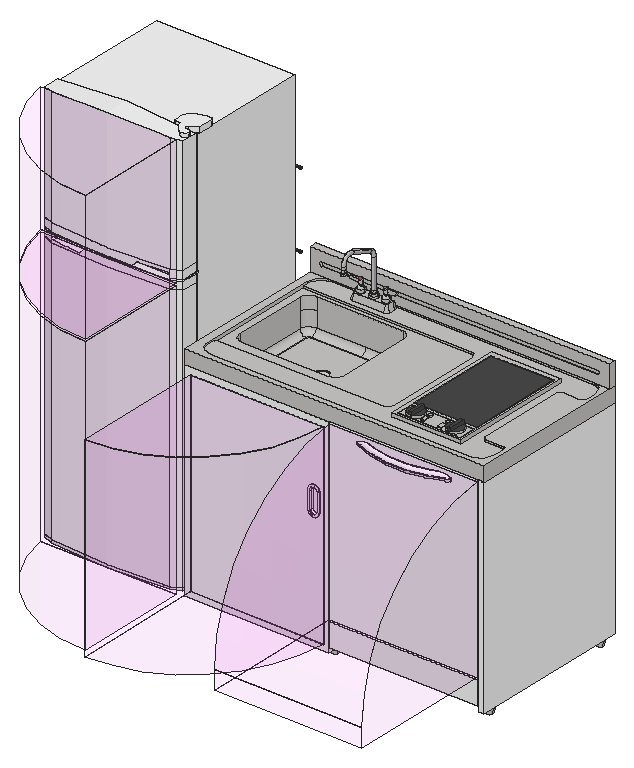
Revit family "QF_Summit_ACKDW721G_Kitchenette_with_Dishwasher_Refrigerator_Freezer", category Specialty Equipment, Revit 2020 (continued)
Automatic sketch dimensions
  curve 87 to curve 49 = 0"
  curve 91 to curve 97 = 1/2"
  curve 95 to curve 97 = 0"  (x2)
  curve 99 to curve 116 = 1.86219"
  curve 115 to curve 108 = 1.47394"
  curve 105 to curve 112 = 0.28156"
  curve 105 to curve 105 = 0.56313"
  curve 105 to curve 104 = 2.20148"
  curve 101 to curve 109 = 0.28156"
  curve 101 to curve 101 = 0.56313"
  curve 101 to curve 114 = 1.47394"
  curve 113 to curve 99 = 1.86219"
  curve 93 to curve 90 = 1/2"
  curve 89 to curve 93 = 3/4"
  curve 93 to curve 95 = 15.3663"
  curve 95 to curve 97 = 1/2"
  curve 97 to curve 112 = 0.72606"
  curve 110 to curve 111 = 0"
  curve 111 to curve 105 = 0.59921"
  curve 109 to curve 102 = 0.59921"
  curve 105 to curve 115 = 0.04973"
  curve 101 to curve 114 = 0.04973"
  curve 101 to curve 103 = 1.07117"
  curve 105 to curve 106 = 1.07117"
  curve 113 to curve 98 = 1 3/8"
  curve 99 to curve 91 = 1/2"
  curve 116 to curve 115 = 1 1/4"
  curve 118 to curve 115 = 9/32"
  curve 118 to curve 117 = 9/16"
  curve 111 to curve 111 = 0.28156"
  curve 110 to curve 109 = 0.28156"
  curve 101 to curve 114 = 0.22394"
  curve 119 to curve 113 = 9/32"
  curve 120 to curve 119 = 0"
  curve 109 to curve 110 = 0"  (x2)
  curve 111 to curve 112 = 0"  (x2)
  curve 113 to curve 114 = 0"  (x2)
  curve 115 to curve 116 = 0"  (x2)
  curve 123 to curve 129 = 1/2"
  curve 127 to curve 129 = 0"  (x2)
  curve 131 to curve 148 = 1.86219"
  curve 147 to curve 140 = 1.47394"
  curve 137 to curve 144 = 0.28156"
  curve 137 to curve 137 = 0.56313"
  curve 137 to curve 136 = 2.20148"
  curve 133 to curve 141 = 0.28156"
  curve 133 to curve 133 = 0.56313"
  curve 133 to curve 146 = 1.47394"
  curve 145 to curve 131 = 1.86219"
  curve 125 to curve 122 = 1/2"
  curve 121 to curve 125 = 3/4"
  curve 125 to curve 127 = 15.3663"
  curve 127 to curve 129 = 1/2"
  curve 129 to curve 144 = 0.72606"
  curve 142 to curve 143 = 0"
  curve 143 to curve 137 = 0.59921"
  curve 141 to curve 134 = 0.59921"
  curve 137 to curve 147 = 0.04973"
  curve 133 to curve 146 = 0.04973"
  curve 133 to curve 135 = 1.07117"
  curve 137 to curve 138 = 1.07117"
  curve 145 to curve 130 = 1 3/8"
  curve 131 to curve 123 = 1/2"
  curve 148 to curve 147 = 1 1/4"
  curve 150 to curve 147 = 9/32"
  curve 150 to curve 149 = 9/16"
  curve 143 to curve 143 = 0.28156"
  curve 142 to curve 141 = 0.28156"
  curve 133 to curve 146 = 0.22394"
  curve 151 to curve 145 = 9/32"
  curve 152 to curve 151 = 0"
  curve 141 to curve 142 = 0"  (x2)
  curve 143 to curve 144 = 0"  (x2)
  curve 145 to curve 146 = 0"  (x2)
  curve 147 to curve 148 = 0"  (x2)
  radius of Extrusion 11 sketch curve = 1/8"
  radius of Extrusion 16 sketch curve = 1"
  radius of Extrusion 18 sketch curve to Extrusion 1 = 0"  (x2)
  radius of Extrusion 24 sketch curve = 1 1/4"  (x2)
  radius of Extrusion 25 sketch curve to Extrusion 24 = 0"  (x4)
  radius of Extrusion 26 sketch curve = 0.28156"  (x2)
  radius of Extrusion 30 sketch curve = 1 1/4"  (x2)
  radius of Extrusion 31 sketch curve to Extrusion 30 = 0"  (x4)
  radius of Extrusion 32 sketch curve = 0.28156"  (x2)
Nested families (in)
  nested 1: "Summit_Faucet" at (26.0625, -1.0625, 36.125), type "Summit_Faucet"
    with Type Mark "", Specification by User "", Revision Code "", Item Number "", Installed By "", Identify Quantity as Lot yes, Furnished By "", Foodservice Equipment Identifier yes
  nested 2: "Summit_FF946W" at (-5.125, 0, 0), Show LHD <- "Show LHD", Show RHD <- "Show RHD", type "Summit_FF946W"
    with Show RHD yes, Show LHD no, Show Clearance yes
  nested 3: "Summit_DW242WADA" at (41.3125, -2.75, 0), Show Clearance <- "Show Clearance", type "Summit_DW242WADA"
    with Show Clearance yes
Connectors (in)
  electrical at (53.78753, 0.25, 3.16456), driven by "Volts", driven by "Apparent Power"
    settings: on Extrusion 11, index 1, voltage 115 V, apparent load 0 VA, apparent load phase1 0 VA, apparent load phase2 0 VA, apparent load phase3 0 VA, power factor 1, load classification "Other", number of poles 1, system type 30, power factor state 1, is connector primary yes, connector utility no, sub classification motor no, connector description "Electrical Connection"
  electrical at (16.125, -2.5, 9.06755), driven by "Volts"
    settings: on nested 2, index 2, voltage 115 V, apparent load 0 VA, apparent load phase1 0 VA, apparent load phase2 0 VA, apparent load phase3 0 VA, power factor 1, load classification "Other", number of poles 1, system type 30, power factor state 1, is connector primary no, connector utility no, sub classification motor no, connector description "Electrical Connection"
Definition of nested family "Summit_Faucet"
  Parameters (values of type "Summit_Faucet")
    Weight = ""
    URL Manufacturer = ""
    URL Cutsheet = ""
    URL = ""
    Type Mark [instance] = ""
    Specification by User [instance] = ""
    Specification by Manufacturer = ""
    Serial Number = ""
    Seismic Rating = ""
    SMACNA No = ""
    Revision Code [instance] = ""
    Omniclass Number and Title = ""
    NAFEM Spec ID Number = ""
    Model = ""
    MasterSpec. = ""
    Manufacturer = ""
    Item Number [instance] = ""
    Installed By [instance] = ""
    Identify Quantity as Lot [instance] = yes
    Furnished By [instance] = ""
    Foodservice Equipment Identifier [instance] = yes
    Default Elevation = 0"
    CSI MasterFormat = ""
    CSI Master Format = ""
  Reference planes (in)
    plane 1 "BACK": y = 0
    plane 2: z = 0
    plane 3 "LEFT": x = 0
    plane 4 "RIGHT": x = 6
    plane 5 "FRONT": y = -2
    plane 6 "TOP": z = 9.5
    plane 7: x = 3
    plane 8: x = 1
    plane 9: x = 5
    plane 10: z = 6.75
    plane 11: y = -1
    plane 12: y = -7
  Forms (in)
    Blend 1, solid
      base sketch origin (0, 0, 0) x (1, 0, 0) y (0, 1, 0)
        loop
          arc (0.5, 0) -> (0.14645, -0.14645) -> (0, -0.5) r 0.5
          line (0, -0.5) -> (0, -1.5)
          arc (0, -1.5) -> (0.14645, -1.85355) -> (0.5, -2) r 0.5
          line (0.5, -2) -> (5.5, -2)
          arc (5.5, -2) -> (5.85355, -1.85355) -> (6, -1.5) r 0.5
          line (6, -1.5) -> (6, -0.5)
          arc (6, -0.5) -> (5.85355, -0.14645) -> (5.5, 0) r 0.5
          line (5.5, 0) -> (0.5, 0)
      top sketch origin (0, 0, 0) x (1, 0, 0) y (0, 1, 0)
        loop
          line (5.5, -0.25) -> (0.5, -0.25)
          arc (0.5, -0.25) -> (0.32322, -0.32322) -> (0.25, -0.5) r 0.25
          line (0.25, -0.5) -> (0.25, -1.5)
          arc (0.25, -1.5) -> (0.32322, -1.67678) -> (0.5, -1.75) r 0.25
          line (0.5, -1.75) -> (5.5, -1.75)
          arc (5.5, -1.75) -> (5.67678, -1.67678) -> (5.75, -1.5) r 0.25
          line (5.75, -1.5) -> (5.75, -0.5)
          arc (5.75, -0.5) -> (5.67678, -0.32322) -> (5.5, -0.25) r 0.25
      from 0 to 1
    Extrusion 2, solid
      sketch origin (0, -0.09496, -3.5) x (1, 0, 0) y (0, 0, 1)
        loop
          line (4.82421, 6.36488) -> (4.82421, 5.7908) -> (5.75768, 5.80403) -> (6.42048, 5.89366)
          arc (6.42048, 5.89366) -> (6.70947, 6.05462) -> (6.82421, 6.36488) r 0.47687
          line (6.82421, 6.36488) -> (4.82421, 6.36488)
      from 0.77919 to 1.02919
    Revolve 3, solid
      sketch origin (-4.03517, -1, 0) x (1, 0, 0) y (0, 0, 1)
        loop
          line (5.03934, 1) -> (5.03934, 3.02505)
          arc (5.03934, 3.02505) -> (4.87585, 2.98746) -> (4.76133, 2.86488) r 0.2869
          line (4.76133, 2.86488) -> (4.76133, 2.2908) -> (4.87917, 2.2908) -> (4.87917, 1.83261)
          arc (4.87917, 1.83261) -> (4.65407, 1.74222) -> (4.60414, 1.50485) r 0.25731
          line (4.60414, 1.50485) -> (4.45379, 1.50485) -> (4.45379, 1.1768) -> (4.53934, 1.1768) -> (4.53934, 1) -> (5.03934, 1)
        axis (5.03934, 1) -> (5.03934, 3.02505)
      angle from 0 to 360
    Revolve 4, solid
      sketch origin (10.03517, -0.99916, 0) x (-1, 0, 0) y (0, 0, -1)
        loop
          line (5.03934, -1) -> (4.53934, -1) -> (4.53934, -1.1768) -> (4.45379, -1.1768) -> (4.45379, -1.50485) -> (4.60414, -1.50485)
          arc (4.60414, -1.50485) -> (4.65407, -1.74222) -> (4.87917, -1.83261) r 0.25731
          line (4.87917, -1.83261) -> (4.87917, -2.2908) -> (4.76133, -2.2908) -> (4.76133, -2.86488)
          arc (4.76133, -2.86488) -> (4.87585, -2.98746) -> (5.03934, -3.02505) r 0.2869
          line (5.03934, -3.02505) -> (5.03934, -1)
        axis (5.03934, -1) -> (5.03934, -3.02505)
      angle from 0 to 360
    Extrusion 5, solid
      sketch origin (6, -0.09496, -3.5) x (-1, 0, 0) y (0, 0, -1)
        loop
          line (4.82421, -6.36488) -> (6.82421, -6.36488)
          arc (6.82421, -6.36488) -> (6.70947, -6.05462) -> (6.42048, -5.89366) r 0.47687
          line (6.42048, -5.89366) -> (5.75768, -5.80403) -> (4.82421, -5.7908) -> (4.82421, -6.36488)
      from 0.77919 to 1.02919
    Revolve 6, solid
      sketch origin (0, -7, 0) x (1, 0, 0) y (0, 0, 1)
        loop
          line (3, 7.59291) -> (2.75, 7.59291) -> (2.75, 7.16874) -> (2.625, 6.95223) -> (2.625, 6.75) -> (3, 6.75) -> (3, 7.59291)
        axis (3, 6.75) -> (3, 7.59291)
      angle from 0 to 360
    Sweep 7, solid
      path origin (3, 0, 0) x (0, 1, 0) y (0, 0, 1)
        loop
          line (-7, 7.59291) -> (-7, 8.04139)
          arc (-7, 8.04139) -> (-6.46697, 9.06533) -> (-5.32247, 9.21601) r 1.25
          line (-5.32247, 9.21601) -> (-1.75198, 7.91645)
          arc (-1.75198, 7.91645) -> (-1.20668, 7.49803) -> (-1, 6.84252) r 1.14286
          line (-1, 6.84252) -> (-1, 2)
      profile origin (3, -7, 7.81715) x (0, -1, 0) y (1, 0, 0)
        loop
          circle (0, 0) r 0.25
    Revolve 8, solid
      sketch origin (8.03517, -0.9375, -3.5) x (-1, 0, 0) y (0, 0, -1)
        loop
          line (5.03934, -4.5) -> (4.40363, -4.5) -> (4.40363, -4.67045) -> (4.50358, -4.67045) -> (4.50358, -5.02398) -> (4.68786, -5.13038) -> (4.68786, -5.5) -> (5.03934, -5.5) -> (5.03934, -4.5)
        axis (5.03934, -4.5) -> (5.03934, -5.5)
      angle from 0 to 360
  Cuts and joins
    joined: Revolve 6, Sweep 7
  Lines and regions (in)
    symbolic lines
      curve 1: line (2.67337, -7.08919, 0) -> (2.67337, -1, 0)
      curve 2: line (3.29837, -7.08919, 0) -> (3.29837, -1, 0)
      curve 3: arc (3.29837, -1, 0) -> (2.98587, -0.6875, 0) -> (2.67337, -1, 0) r 0.3125
      curve 4: arc (3.29837, -1.40113, 0) -> (2.98587, -0.49151, 0) -> (2.67337, -1.40113, 0) r 0.50849
      curve 5: arc (3.29837, -1.5749, 0) -> (3.01791, -0.35019, 0) -> (2.67337, -1.55844, 0) r 0.6486
      curve 6: line (4.38304, -0.63916, 0) -> (5.00804, -0.27831, 0)
      curve 7: line (5.00804, -0.27831, 0) -> (5.63304, -0.63916, 0)
      curve 8: line (5.63304, -0.63916, 0) -> (5.63304, -1.26764, 0)
      curve 9: line (4.38304, -1.36084, 0) -> (4.38304, -0.63916, 0)
      curve 10: line (5.00804, -1.72169, 0) -> (4.38304, -1.36084, 0)
      curve 11: line (5.23435, -1.59103, 0) -> (5.00804, -1.72169, 0)
      curve 12: arc (5.53526, -1.17341, 0) -> (4.61465, -0.60851, 0) -> (5.18402, -1.52636, 0) r 0.555
      curve 13: arc (5.28147, -0.74178, 0) -> (4.74077, -0.73099, 0) -> (4.75156, -1.27169, 0) r 0.375
      curve 14: arc (4.75156, -1.27169, 0) -> (4.84744, -1.34648, 0) -> (4.96221, -1.38665, 0) r 0.375
      curve 15: arc (5.23435, -1.59103, 0) -> (5.11621, -1.46497, 0) -> (4.96221, -1.38665, 0) r 0.5
      curve 16: line (5.22231, -1.58455, 0) -> (6.43111, -2.61867, 0)
      curve 17: arc (6.43111, -2.61867, 0) -> (6.60796, -2.59971, 0) -> (6.62691, -2.42286, 0) r 0.14168
      curve 18: line (5.58934, -1.21683, 0) -> (6.62691, -2.42286, 0)
      curve 19: arc (5.39644, -0.95243, 0) -> (5.47064, -1.10086, 0) -> (5.58934, -1.21683, 0) r 0.5
      curve 20: arc (5.39644, -0.95243, 0) -> (5.35626, -0.83766, 0) -> (5.28147, -0.74178, 0) r 0.375
      curve 21: line (1.62658, -0.63916, 0) -> (1.00158, -0.27831, 0)
      curve 22: line (1.62658, -1.36084, 0) -> (1.62658, -0.63916, 0)
      curve 23: line (1.00158, -1.72169, 0) -> (1.62658, -1.36084, 0)
      curve 24: line (0.77192, -1.58909, 0) -> (1.00158, -1.72169, 0)
      curve 25: line (0.77192, -1.58909, 0) -> (-0.42292, -2.61705, 0)
      curve 26: arc (-0.61721, -2.42277, 0) -> (-0.59834, -2.59818, 0) -> (-0.42292, -2.61705, 0) r 0.1406
      curve 27: line (0.42029, -1.21683, 0) -> (-0.61721, -2.42277, 0)
      curve 28: arc (0.42029, -1.21683, 0) -> (0.53899, -1.10086, 0) -> (0.61319, -0.95243, 0) r 0.5
      curve 29: arc (1.04741, -1.38665, 0) -> (0.89898, -1.46086, 0) -> (0.78301, -1.57955, 0) r 0.5
      curve 30: arc (1.04741, -1.38665, 0) -> (1.16218, -1.34648, 0) -> (1.25806, -1.27169, 0) r 0.375
      curve 31: arc (1.25806, -1.27169, 0) -> (1.26885, -0.73099, 0) -> (0.72816, -0.74178, 0) r 0.375
      curve 32: arc (0.72816, -0.74178, 0) -> (0.65337, -0.83766, 0) -> (0.61319, -0.95243, 0) r 0.375
      curve 33: circle (1.00158, -1, 0) r 0.225 normal (0, 0, 1)
      curve 34: line (1.00158, -0.27831, 0) -> (0.37658, -0.63916, 0)
      curve 35: line (0.37658, -0.63916, 0) -> (0.37658, -1.26764, 0)
      curve 36: arc (0.82561, -1.52636, 0) -> (1.39498, -0.60851, 0) -> (0.47437, -1.17341, 0) r 0.555
      curve 37: arc (2.67337, -6.68325, 0) -> (2.98587, -7.60148, 0) -> (3.29837, -6.68325, 0) r 0.51229
      curve 38: arc (2.67337, -7.08919, 0) -> (2.98587, -7.40169, 0) -> (3.29837, -7.08919, 0) r 0.3125
      curve 39: line (3.29837, -2, 0) -> (5.51871, -2, 0)
      curve 40: line (6, -1.5, 0) -> (6, -0.5, 0)
      curve 41: line (5.5, 0, 0) -> (0.5, 0, 0)
      curve 42: line (0, -0.5, 0) -> (0, -1.5, 0)
      curve 43: line (0.5, -2, 0) -> (2.67337, -2, 0)
      curve 44: line (0.58489, -1.75, 0) -> (2.67337, -1.75, 0)
      curve 45: line (3.29837, -1.75, 0) -> (5.41571, -1.75, 0)
      curve 46: line (0.5, -0.25, 0) -> (5.5, -0.25, 0)
      curve 47: arc (5.75, -0.5, 0) -> (5.67678, -0.32322, 0) -> (5.5, -0.25, 0) r 0.25
      curve 48: arc (0.5, -0.25, 0) -> (0.32322, -0.32322, 0) -> (0.25, -0.5, 0) r 0.25
      curve 49: line (0.25, -1.41477, 0) -> (0.25, -0.5, 0)
      curve 50: line (5.75, -0.5, 0) -> (5.75, -1.40358, 0)
      curve 51: line (0.05911, -1.63665, 0) -> (0, -1.5, 0)
      curve 52: line (0.5, -2, 0) -> (0.35546, -1.94739, 0)
      curve 53: line (5.64118, -1.94289, 0) -> (5.51871, -2, 0)
      curve 54: line (5.94504, -1.63028, 0) -> (6, -1.5, 0)
      curve 55: arc (5.5, 0, 0) -> (5.85355, -0.14645, 0) -> (6, -0.5, 0) r 0.5
      curve 56: arc (0, -0.5, 0) -> (0.14645, -0.14645, 0) -> (0.5, 0, 0) r 0.5
      curve 57: circle (4.99842, -1, 0) r 0.225 normal (0, 0, -1)
  Dimensions and locks (in)
    equal spacing: plane 4 "RIGHT", plane 7, plane 3 "LEFT"
    plane 6 "TOP" to plane 2 = 9 1/2"
    aligned and locked: level to plane 2
  Automatic sketch dimensions
    Blend 1 sketch curve to plane 3 "LEFT" = 0"
    plane 5 "FRONT" to Blend 1 sketch curve = 0"
    plane 1 "BACK" to Blend 1 sketch curve = 0"
    Blend 1 sketch curve to plane 4 "RIGHT" = 0"
    plane 3 "LEFT" to Blend 1 sketch curve = 1/2"  (x2)
    Blend 1 sketch curve to plane 4 "RIGHT" = 1/2"  (x3)
    plane 1 "BACK" to Blend 1 sketch curve = 1/2"  (x2)
    plane 3 "LEFT" to Blend 1 sketch curve = 1/4"
    Blend 1 sketch curve to Blend 1 sketch curve = 1/4"  (x3)
    Blend 1 sketch curve to plane 5 "FRONT" = 1/4"
    plane 9 to Extrusion 2 sketch curve = 45/256"
    Extrusion 2 sketch curve to plane 4 "RIGHT" = 0.24232"
    plane 4 "RIGHT" to Extrusion 2 sketch curve = 0.34735"
    plane 4 "RIGHT" to Extrusion 2 sketch curve = 0.42048"
    Extrusion 2 sketch curve to plane 10 = 3.88512"
    Extrusion 2 sketch curve to Extrusion 2 sketch curve = 0.47687"
    Extrusion 2 sketch curve to Extrusion 2 sketch curve = 0.08963"
    Extrusion 2 sketch curve to Extrusion 2 sketch curve = 0.57408"
    plane 8 to Extrusion 5 sketch curve = 45/256"
    plane 3 "LEFT" to Extrusion 5 sketch curve = 0.24232"
    Extrusion 5 sketch curve to plane 3 "LEFT" = 0.34735"
    Extrusion 5 sketch curve to plane 3 "LEFT" = 0.42048"
    Extrusion 5 sketch curve to plane 10 = 3.88512"
    Extrusion 5 sketch curve to Extrusion 5 sketch curve = 0.47687"
    Extrusion 5 sketch curve to Extrusion 5 sketch curve = 0.08963"
    Extrusion 5 sketch curve to Extrusion 5 sketch curve = 0.57408"
    Revolve 6 sketch curve to plane 10 = 0"
    plane 7 to Revolve 6 sketch curve = 0"  (x2)
    Revolve 6 sketch curve to Revolve 6 sketch curve = 1/4"
    Revolve 6 sketch curve to Revolve 6 sketch curve = 1/8"
    plane 10 to Revolve 6 sketch curve = 0.20223"
    Revolve 6 sketch curve to Revolve 6 sketch curve = 0.21651"
    Revolve 6 sketch curve to Revolve 6 sketch curve = 0.42418"
    Revolve 6 sketch curve to Revolve 6 sketch curve = 0.09934"
    Revolve 6 sketch curve to Revolve 6 sketch curve = 0.33586"
    plane 7 to Revolve 8 sketch curve = 0.63154"
    Revolve 8 sketch curve to Revolve 8 sketch curve = 0.09994"
    Revolve 8 sketch curve to Revolve 8 sketch curve = 0.18428"
    Revolve 8 sketch curve to plane 7 = 0.00417"  (x2)
    Revolve 8 sketch curve to plane 10 = 3.2092"
    Revolve 8 sketch curve to plane 10 = 4 3/4"
    Revolve 8 sketch curve to Revolve 8 sketch curve = 0.5408"
    Revolve 8 sketch curve to Revolve 8 sketch curve = 0.36962"
    Revolve 8 sketch curve to Revolve 8 sketch curve = 0.1064"
    Revolve 8 sketch curve to Revolve 8 sketch curve = 0.35353"
    Revolve 8 sketch curve to Revolve 8 sketch curve = 0.17045"
    Revolve 3 sketch curve to plane 8 = 0.0161"
    Revolve 3 sketch curve to plane 8 = 0.156"
    Revolve 3 sketch curve to plane 8 = 0.18399"
    Revolve 3 sketch curve to Revolve 3 sketch curve = 0.11783"
    Revolve 3 sketch curve to Revolve 3 sketch curve = 0.24704"
    Revolve 3 sketch curve to plane 8 = 0.49583"
    Revolve 3 sketch curve to Revolve 3 sketch curve = 0.08555"
    plane 8 to Revolve 3 sketch curve = 0.00417"  (x2)
    level to Revolve 3 sketch curve = 1"
    Revolve 3 sketch curve to Revolve 3 sketch curve = 0.1768"
    Revolve 3 sketch curve to Revolve 3 sketch curve = 0.32805"
    Revolve 3 sketch curve to Revolve 3 sketch curve = 0.07197"
    Revolve 3 sketch curve to Revolve 3 sketch curve = 0.45819"
    Revolve 3 sketch curve to Revolve 3 sketch curve = 1/4"
    Revolve 3 sketch curve to Revolve 3 sketch curve = 0.19807"
    Revolve 3 sketch curve to Revolve 3 sketch curve = 0.12601"
    plane 10 to Revolve 3 sketch curve = 0.2908"
    Revolve 4 sketch curve to plane 9 = 0.0161"
    Revolve 4 sketch curve to plane 9 = 0.156"
    Revolve 4 sketch curve to plane 9 = 0.18399"
    Revolve 4 sketch curve to plane 9 = 0.27384"
    Revolve 4 sketch curve to Revolve 4 sketch curve = 0.24704"
    Revolve 4 sketch curve to plane 9 = 0.49583"
    Revolve 4 sketch curve to Revolve 4 sketch curve = 0.08555"
    plane 9 to Revolve 4 sketch curve = 0.00417"  (x2)
    level to Revolve 4 sketch curve = 1"
    Revolve 4 sketch curve to Revolve 4 sketch curve = 0.1768"
    Revolve 4 sketch curve to Revolve 4 sketch curve = 0.32805"
    Revolve 4 sketch curve to Revolve 4 sketch curve = 0.07197"
    Revolve 4 sketch curve to Revolve 4 sketch curve = 0.45819"
    Revolve 4 sketch curve to Revolve 4 sketch curve = 1/4"
    Revolve 4 sketch curve to Revolve 4 sketch curve = 0.19807"
    Revolve 4 sketch curve to Revolve 4 sketch curve = 0.12601"
    plane 10 to Revolve 4 sketch curve = 0.2908"
    curve 3 to curve 4 = 0"  (x2)
    curve 30 to curve 32 = 0"  (x2)
    curve 33 to curve 36 = 0"  (x2)
    curve 37 to curve 38 = 0"  (x2)
    curve 47 to curve 55 = 0"  (x2)
    curve 48 to curve 56 = 0"  (x2)
    curve 42 to plane 3 "LEFT" = 0"
    plane 5 "FRONT" to curve 43 = 0"
    plane 1 "BACK" to curve 56 = 0"
    curve 36 to plane 11 = 0"
    curve 3 to plane 11 = 0"
    plane 5 "FRONT" to curve 39 = 0"
    curve 57 to plane 11 = 0"
    curve 12 to plane 11 = 0"
    curve 54 to plane 4 "RIGHT" = 0"
    curve 26 to plane 3 "LEFT" = 0.42292"
    curve 26 to curve 25 = 0.07599"
    curve 27 to curve 26 = 0.11829"
    plane 3 "LEFT" to curve 51 = 0.05911"
    plane 3 "LEFT" to curve 28 = 0.13506"
    curve 56 to curve 49 = 1/4"
    curve 52 to plane 5 "FRONT" = 0.05261"
    plane 3 "LEFT" to curve 52 = 91/256"
    curve 49 to curve 35 = 0.12658"
    curve 35 to curve 28 = 0.04371"
    curve 28 to curve 36 = 0.05408"
    curve 52 to curve 43 = 37/256"
    curve 48 to curve 46 = 1/4"
    curve 43 to curve 44 = 0.08489"
    plane 11 to curve 28 = 0.04757"
    curve 36 to curve 28 = 0.13882"
    curve 28 to curve 32 = 0.11497"
    curve 24 to plane 8 = 0.22808"
    curve 24 to curve 29 = 0.01109"
    curve 29 to curve 36 = 0.0426"
    curve 32 to plane 8 = 0.01747"
    plane 8 to curve 36 = 0.00158"
    plane 8 to curve 21 = 0.00158"
    plane 8 to curve 23 = 0.00158"
    plane 8 to curve 31 = 0.00369"
    plane 8 to curve 30 = 0.04741"
    plane 8 to curve 29 = 0.19367"
    curve 29 to curve 31 = 0.21065"
    plane 8 to curve 22 = 0.62658"
    curve 1 to plane 12 = 0.08919"
    curve 1 to plane 7 = 0.32663"
    curve 37 to plane 7 = 0.01413"
    plane 7 to curve 5 = 0.00083"
    plane 9 to curve 6 = 0.61696"
    plane 9 to curve 13 = 0.24844"
    plane 9 to curve 15 = 0.18405"
    plane 9 to curve 15 = 0.03779"
    plane 9 to curve 57 = 0.00158"
    plane 11 to curve 13 = 0.00384"
    curve 13 to plane 9 = 0.00594"
    curve 11 to plane 9 = 0.00804"
    curve 7 to plane 9 = 0.00804"
    curve 13 to curve 12 = 0.00211"
    curve 12 to curve 20 = 0.01905"
    curve 20 to curve 14 = 0"
    curve 12 to plane 9 = 0.18402"
    curve 12 to curve 16 = 0.0383"
    curve 16 to curve 15 = 0.01204"
    curve 13 to plane 9 = 0.28147"
    plane 11 to curve 19 = 0.04757"
    curve 13 to curve 19 = 0.11497"
    curve 11 to curve 45 = 0.18136"
    curve 41 to plane 4 "RIGHT" = 1/2"
    curve 45 to curve 39 = 0.103"
    curve 12 to plane 11 = 0.17341"
    curve 20 to curve 12 = 0.13882"
    curve 12 to curve 19 = 0.05408"
    curve 18 to curve 8 = 0.04371"
    curve 53 to plane 5 "FRONT" = 0.05711"
    curve 39 to curve 53 = 0.12247"
    curve 19 to plane 4 "RIGHT" = 0.12544"
    curve 54 to plane 4 "RIGHT" = 0.05496"
    plane 4 "RIGHT" to curve 17 = 0.43111"
    curve 16 to curve 17 = 0.07667"
    curve 17 to curve 18 = 0.11914"
    plane 12 to curve 37 = 0.31675"
    plane 5 "FRONT" to curve 17 = 0.61867"
    plane 5 "FRONT" to curve 26 = 0.61705"
    curve 17 to curve 17 = 0.11914"
    curve 25 to curve 26 = 0.11829"
    curve 15 to plane 5 "FRONT" = 0.13522"
    curve 29 to plane 5 "FRONT" = 0.13522"
    curve 29 to curve 24 = 0.14309"
    curve 15 to curve 10 = 0.14309"
    curve 52 to curve 51 = 0.31074"
    curve 45 to curve 5 = 0.1751"
    curve 44 to curve 5 = 0.19156"
    curve 51 to curve 51 = 0.13665"
    curve 54 to curve 54 = 0.13028"
    curve 5 to curve 4 = 0.15731"
    curve 9 to plane 11 = 0.36084"
    curve 22 to plane 11 = 0.36084"
    curve 29 to curve 30 = 0.11497"
    curve 14 to curve 13 = 0.11497"
    plane 11 to curve 21 = 0.36084"
    plane 11 to curve 6 = 0.36084"
    curve 8 to curve 47 = 0.13916"
    curve 34 to curve 48 = 0.13916"
    plane 1 "BACK" to curve 34 = 0.27831"
    plane 1 "BACK" to curve 7 = 0.27831"
    Sweep 7 sketch curve to profile plane = 0"  (x2)
    Sweep 7 sketch curve to plane 12 = 0"
    Sweep 7 sketch curve to plane 11 = 0"
    plane 12 to Sweep 7 sketch curve = 1 1/4"
    Sweep 7 sketch curve to plane 6 "TOP" = 0.28399"
    Sweep 7 sketch curve to Sweep 7 sketch curve = 0.42753"
    plane 5 "FRONT" to Sweep 7 sketch curve = 0.14286"
    Sweep 7 sketch curve to plane 5 "FRONT" = 0.24802"
    plane 10 to Sweep 7 sketch curve = 1.16645"
    Sweep 7 sketch curve to Sweep 7 sketch curve = 0.44847"
    level to Sweep 7 sketch curve = 2"
    radius of curve 33 = 0.225"
    radius of curve 57 = 0.225"
    radius of Sweep 7 sketch curve = 1/4"
Definition of nested family "Summit_FF946W"
  Parameters (values of type "Summit_FF946W")
    Weight in Pounds = 0
    URL Cutsheet = ""
    Specification by User = ""
    Specification by Manufacturer = ""
    Show RHD [instance] = yes
    Show LHD [instance] = yes
    Show Clearance [instance] = yes
    Serial Number = ""
    Seismic Rating = ""
    SMACNA No = ""
    Revision Code = ""
    NAFEM Spec ID Number = ""
    Masterspec = ""
    Length = 22"
    Item Number = ""
    Installed By = ""
    Identify Quantity as Lot = yes
    Height = 65 3/4"
    Furnished By = ""
    Foodservice Equipment Identifier = yes
    Depth = 26"
    Default Elevation = 0"
    CSI MasterFormat = ""
  Reference planes (in)
    plane 1 "BACK": y = 0
    plane 2: z = 0
    plane 3 "LEFT": x = 0
    plane 4 "RIGHT": x = 22
    plane 5 "FRONT": y = -26
    plane 6 "TOP": z = 65.75
    plane 7 "Center Y": x = 11
    plane 8 "Center X": y = -13
    plane 9: y = -44.25
    plane 10: z = 0.76089
    plane 11: z = 64.75506
  Forms (in)
    Extrusion 1, solid
      sketch origin (0, 0, 0) x (1, 0, 0) y (0, 1, 0)
        loop
          line (0, -22.25) -> (0, -24.75) -> (1.58604, -25.48958)
          arc (1.58604, -25.48958) -> (11, -26) -> (20.41396, -25.48958) r 87.06902
          line (20.41396, -25.48958) -> (22, -24.75) -> (22, -22.25) -> (0, -22.25)
      from 46.47696 to 65.75
    Extrusion 2, void
      sketch origin (0, 0, 0) x (1, 0, 0) y (0, 0, 1)
        loop
          arc (0, 65) -> (11, 65.75) -> (22, 65) r 81.04167
          line (22, 65) -> (22, 68.01401) -> (0, 68.01401) -> (0, 65)
      from 22.25 to 26
    Extrusion 3, solid
      sketch origin (-6.66013, -180, 0.76089) x (-1, 0, 0) y (0, -1, 0)
        loop
          line (-6.66013, -157.75) -> (-6.66013, -155.25) -> (-8.24617, -154.51042)
          arc (-8.24617, -154.51042) -> (-17.66013, -154) -> (-27.07409, -154.51042) r 87.06902
          line (-27.07409, -154.51042) -> (-28.66013, -155.25) -> (-28.66013, -157.75) -> (-6.66013, -157.75)
      from 0.39175 to 42.92692
    Extrusion 4, solid
      sketch origin (-6.66013, -180, 43.68781) x (-1, 0, 0) y (0, -1, 0)
        loop
          line (-6.66013, -157.75) -> (-6.66013, -155.25) -> (-8.24617, -154.51042)
          arc (-8.24617, -154.51042) -> (-17.66013, -154) -> (-27.07409, -154.51042) r 87.06902
          line (-27.07409, -154.51042) -> (-28.66013, -155.25) -> (-28.66013, -157.75) -> (-6.66013, -157.75)
      from 0 to 1.21669
    Extrusion 5, solid
      sketch origin (0, 0, 46.47696) x (0, 1, 0) y (1, 0, 0)
        loop
          line (-22.25, 0) -> (-22.25, 22) -> (-24.75, 22) -> (-25.48958, 20.41396)
          arc (-25.48958, 20.41396) -> (-26, 11) -> (-25.48958, 1.58604) r 87.06902
          line (-25.48958, 1.58604) -> (-24.75, 0) -> (-22.25, 0)
      from 0 to 1.27189
    Extrusion 6, void
      sketch origin (0, 0, 0) x (1, 0, 0) y (0, 0, 1)
        loop
          line (1.58604, 44.9045) -> (1.58604, 44.36024)
          arc (1.58604, 44.36024) -> (1.65926, 44.18346) -> (1.83604, 44.11024) r 0.25
          line (1.83604, 44.11024) -> (6.49436, 44.11024) -> (7.28862, 44.9045) -> (1.58604, 44.9045)
        loop
          line (20.41396, 45.20507) -> (20.41396, 45.74933)
          arc (20.41396, 45.74933) -> (20.34074, 45.92611) -> (20.16396, 45.99933) r 0.25
          line (20.16396, 45.99933) -> (15.50564, 45.99933) -> (14.71138, 45.20507) -> (20.41396, 45.20507)
      from 24.75 to 26.9253
    Extrusion 7, solid
      sketch origin (-6.66013, -180, 1.15264) x (0, -1, 0) y (-1, 0, 0)
        loop
          line (-177.5, -6.66013) -> (-177.5, -28.66013) -> (-158.25, -28.66013) -> (-158.25, -6.66013) -> (-177.5, -6.66013)
      from 0 to -63.60242
    Extrusion 8, solid
      sketch origin (-6.66013, -180, 1.15264) x (0, -1, 0) y (-1, 0, 0)
        loop
          line (-158.25, -7.03694) -> (-158.25, -28.39098) -> (-157.75, -28.39098) -> (-157.75, -7.03694) -> (-158.25, -7.03694)
      from -0.39175 to -43.79198
    Extrusion 9, solid
      sketch origin (0, 0, 45.20507) x (-1, 0, 0) y (0, 1, 0)
        loop
          line (-0.37681, -21.75) -> (-21.73085, -21.75) -> (-21.73085, -22.25) -> (-0.37681, -22.25) -> (-0.37681, -21.75)
      from -0.39175 to -19.54999
    Extrusion 10, solid, visible <- "Show RHD"
      sketch origin (-6.66013, -180, 64.75506) x (0, -1, 0) y (1, 0, 0)
        loop
          arc (-160.91115, 28.66013) -> (-161.1774, 28.55391) -> (-161.29743, 28.2936) r 0.3868
          arc (-161.29743, 28.2936) -> (-161.12767, 26.92092) -> (-160.49634, 25.69028) r 3.9614
          arc (-160.49634, 25.69028) -> (-159.96855, 25.25379) -> (-159.30174, 25.09743) r 1.5
          line (-159.30174, 25.09743) -> (-158.16793, 25.09743)
          arc (-158.16793, 25.09743) -> (-157.93663, 25.19324) -> (-157.84082, 25.42454) r 0.32711
          line (-157.84082, 25.42454) -> (-157.84082, 25.97744)
          arc (-157.84082, 25.97744) -> (-156.83692, 26.61398) -> (-156.06864, 27.52105) r 3.93874
          arc (-156.06864, 27.52105) -> (-156.05522, 28.16776) -> (-156.61316, 28.49506) r 0.63921
          line (-156.61316, 28.49506) -> (-156.70493, 28.49506)
          arc (-156.70493, 28.49506) -> (-156.85318, 28.45185) -> (-156.955, 28.33574) r 0.27592
          line (-156.955, 28.33574) -> (-157.363, 27.46079)
          arc (-157.363, 27.46079) -> (-157.56996, 27.31722) -> (-157.79683, 27.42665) r 0.25
          line (-157.79683, 27.42665) -> (-158.62883, 28.66013) -> (-160.91115, 28.66013)
      from 0 to 0.79984
    Extrusion 11, solid
      sketch origin (0, 0, 0) x (0, 1, 0) y (0, 0, 1)
        loop
          line (-23.81696, 45.20507) -> (-23.81696, 45.12497) -> (-21.75, 45.12497) -> (-21.75, 45.20507) -> (-23.81696, 45.20507)
        loop
          line (-23.81696, 44.9045) -> (-21.75, 44.9045) -> (-21.75, 44.98461) -> (-23.81696, 44.98461) -> (-23.81696, 44.9045)
        loop
          line (-23.81696, 0.68224) -> (-21.65625, 0.68224) -> (-21.65625, 1.05889) -> (-19.65625, 1.05889) -> (-19.65625, 1.15264) -> (-21.75, 1.15264) -> (-21.75, 0.76094) -> (-23.81696, 0.76094) -> (-23.81696, 0.68224)
      from 20.41396 to 22
    Extrusion 12, solid
      sketch origin (-6.66013, -180, 0.76089) x (-1, 0, 0) y (0, -1, 0)
        loop
          line (-6.66013, -157.75) -> (-6.66013, -155.25) -> (-8.24617, -154.51042)
          arc (-8.24617, -154.51042) -> (-17.66013, -154) -> (-27.07409, -154.51042) r 87.06902
          line (-27.07409, -154.51042) -> (-28.66013, -155.25) -> (-28.66013, -157.75) -> (-6.66013, -157.75)
      from 0 to 0.39175
    Extrusion 13, solid
      sketch origin (-240, 37.35563, 50.30697) x (0, 1, 0) y (-1, 0, 0)
        loop
          line (-37.60563, -242.81776) -> (-39.85563, -242.81776) -> (-39.85563, -243.31776) -> (-37.60563, -243.31776) -> (-37.60563, -242.81776)
        loop
          line (-37.60563, -258.68224) -> (-39.85563, -258.68224) -> (-39.85563, -259.18224) -> (-37.60563, -259.18224) -> (-37.60563, -258.68224)
      from 0 to -0.5
    Extrusion 14, solid
      sketch origin (-240, 37.35563, 38.30697) x (0, 1, 0) y (-1, 0, 0)
        loop
          line (-37.60563, -242.81776) -> (-39.85563, -242.81776) -> (-39.85563, -243.31776) -> (-37.60563, -243.31776) -> (-37.60563, -242.81776)
        loop
          line (-37.60563, -258.68224) -> (-39.85563, -258.68224) -> (-39.85563, -259.18224) -> (-37.60563, -259.18224) -> (-37.60563, -258.68224)
      from 0 to -0.5
    Extrusion 15, solid
      sketch origin (-240, 37.35563, 26.30697) x (0, 1, 0) y (-1, 0, 0)
        loop
          line (-37.60563, -242.81776) -> (-39.85563, -242.81776) -> (-39.85563, -243.31776) -> (-37.60563, -243.31776) -> (-37.60563, -242.81776)
        loop
          line (-37.60563, -258.68224) -> (-39.85563, -258.68224) -> (-39.85563, -259.18224) -> (-37.60563, -259.18224) -> (-37.60563, -258.68224)
      from 0 to -0.5
    Extrusion 16, solid
      sketch origin (2.81776, 5.48016, 48) x (0, 1, 0) y (0, 0, 1)
        loop
          line (-5.73016, 2.30697) -> (-5.73016, 1.80697)
          arc (-5.73016, 1.80697) -> (-5.48016, 2.05697) -> (-5.73016, 2.30697) r 0.25
      from 0 to 0.5
    Extrusion 17, solid
      sketch origin (19.18224, 5.48016, 48) x (0, 1, 0) y (0, 0, -1)
        loop
          arc (-5.73016, -2.30697) -> (-5.48016, -2.05697) -> (-5.73016, -1.80697) r 0.25
          line (-5.73016, -1.80697) -> (-5.73016, -2.30697)
      from 0 to 0.5
    Extrusion 18, solid
      sketch origin (19.18224, 5.48016, 24) x (0, 1, 0) y (0, 0, -1)
        loop
          arc (-5.73016, -2.30697) -> (-5.48016, -2.05697) -> (-5.73016, -1.80697) r 0.25
          line (-5.73016, -1.80697) -> (-5.73016, -2.30697)
      from 0 to 0.5
    Extrusion 19, solid
      sketch origin (19.18224, 5.48016, 36) x (0, 1, 0) y (0, 0, -1)
        loop
          arc (-5.73016, -2.30697) -> (-5.48016, -2.05697) -> (-5.73016, -1.80697) r 0.25
          line (-5.73016, -1.80697) -> (-5.73016, -2.30697)
      from 0 to 0.5
    Extrusion 20, solid
      sketch origin (2.81776, 5.48016, 24) x (0, 1, 0) y (0, 0, 1)
        loop
          line (-5.73016, 2.30697) -> (-5.73016, 1.80697)
          arc (-5.73016, 1.80697) -> (-5.48016, 2.05697) -> (-5.73016, 2.30697) r 0.25
      from 0 to 0.5
    Extrusion 21, solid
      sketch origin (2.81776, 5.48016, 36) x (0, 1, 0) y (0, 0, 1)
        loop
          line (-5.73016, 2.30697) -> (-5.73016, 1.80697)
          arc (-5.73016, 1.80697) -> (-5.48016, 2.05697) -> (-5.73016, 2.30697) r 0.25
      from 0 to 0.5
    Revolve 22, solid
      sketch origin (-240, 0, 38.05697) x (-1, 0, 0) y (0, -1, 0)
        loop
          line (-240.82095, 0.12732) -> (-240.82095, 0.25465) -> (-261.13351, 0.25465) -> (-261.13351, 0.12732) -> (-240.82095, 0.12732)
        axis (-240.82095, 0.12732) -> (-261.13351, 0.12732)
      angle from 0 to 360
    Revolve 23, solid
      sketch origin (-240, 0, 50.05697) x (-1, 0, 0) y (0, -1, 0)
        loop
          line (-240.82095, 0.12732) -> (-240.82095, 0.25465) -> (-261.13351, 0.25465) -> (-261.13351, 0.12732) -> (-240.82095, 0.12732)
        axis (-240.82095, 0.12732) -> (-261.13351, 0.12732)
      angle from 0 to 360
    Revolve 24, solid
      sketch origin (-240, 0, 26.05697) x (-1, 0, 0) y (0, -1, 0)
        loop
          line (-240.82095, 0.12732) -> (-240.82095, 0.25465) -> (-261.13351, 0.25465) -> (-261.13351, 0.12732) -> (-240.82095, 0.12732)
        axis (-240.82095, 0.12732) -> (-261.13351, 0.12732)
      angle from 0 to 360
    Extrusion 25, solid, visible <- "Show RHD"
      sketch origin (0, 0, 45.20507) x (-1, 0, 0) y (0, 1, 0)
        loop
          line (-0.32196, -26) -> (-22, -26) -> (-22, -44.25)
          arc (-22, -44.25) -> (-7.83137, -39.08003) -> (-0.32196, -26) r 22
      from 0 to -20.54493
    Extrusion 26, solid, visible <- "Show RHD"
      sketch origin (-6.66013, -180, 0.76089) x (0, -1, 0) y (-1, 0, 0)
        loop
          line (-154, -6.98209) -> (-154, -28.66013) -> (-135.75, -28.66013)
          arc (-135.75, -28.66013) -> (-140.91997, -14.4915) -> (-154, -6.98209) r 22
      from 0 to -44.14362
    Extrusion 27, solid
      sketch origin (0, -2.5, 1.15264) x (1, 0, 0) y (0, 0, -1)
        loop
          circle (21.25, -7.91491) r 0.25
      from 0 to 0.03125
    Revolve 28, solid
      sketch origin (-240, -17.75, 7.03533) x (0, 0, 1) y (-1, 0, 0)
        loop
          line (-7.03533, -241.75) -> (-7.03533, -242.37518) -> (-6.62309, -242.37518) -> (-6.62309, -242.01683) -> (-5.88269, -242.01683) -> (-5.88269, -241.75) -> (-7.03533, -241.75)
        axis (-7.03533, -241.75) -> (-5.88269, -241.75)
      angle from 0 to 360
    Revolve 29, solid
      sketch origin (-240, -17.75, 7.03533) x (0, 0, 1) y (-1, 0, 0)
        loop
          line (-7.03533, -260.25) -> (-5.88269, -260.25) -> (-5.88269, -259.98317) -> (-6.62309, -259.98317) -> (-6.62309, -259.62482) -> (-7.03533, -259.62482) -> (-7.03533, -260.25)
        axis (-7.03533, -260.25) -> (-5.88269, -260.25)
      angle from 0 to 360
    Revolve 30, solid
      sketch origin (-240, -6.5, 7.03533) x (0, 0, 1) y (-1, 0, 0)
        loop
          line (-7.03533, -241.75) -> (-7.03533, -242.37518) -> (-6.62309, -242.37518) -> (-6.62309, -242.01683) -> (-5.88269, -242.01683) -> (-5.88269, -241.75) -> (-7.03533, -241.75)
        axis (-7.03533, -241.75) -> (-5.88269, -241.75)
      angle from 0 to 360
    Revolve 31, solid
      sketch origin (-240, -6.5, 7.03533) x (0, 0, 1) y (-1, 0, 0)
        loop
          line (-7.03533, -260.25) -> (-5.88269, -260.25) -> (-5.88269, -259.98317) -> (-6.62309, -259.98317) -> (-6.62309, -259.62482) -> (-7.03533, -259.62482) -> (-7.03533, -260.25)
        axis (-7.03533, -260.25) -> (-5.88269, -260.25)
      angle from 0 to 360
    Extrusion 32, solid, visible <- "Show LHD"
      sketch origin (28.66013, -180, 64.75506) x (0, -1, 0) y (1, 0, 0)
        loop
          line (-160.91115, -28.66013) -> (-158.62883, -28.66013) -> (-157.79683, -27.42665)
          arc (-157.79683, -27.42665) -> (-157.56996, -27.31722) -> (-157.363, -27.46079) r 0.25
          line (-157.363, -27.46079) -> (-156.955, -28.33574)
          arc (-156.955, -28.33574) -> (-156.85318, -28.45185) -> (-156.70493, -28.49506) r 0.27592
          line (-156.70493, -28.49506) -> (-156.61316, -28.49506)
          arc (-156.61316, -28.49506) -> (-156.05522, -28.16776) -> (-156.06864, -27.52105) r 0.63921
          arc (-156.06864, -27.52105) -> (-156.83692, -26.61398) -> (-157.84082, -25.97744) r 3.93874
          line (-157.84082, -25.97744) -> (-157.84082, -25.42454)
          arc (-157.84082, -25.42454) -> (-157.93663, -25.19324) -> (-158.16793, -25.09743) r 0.32711
          line (-158.16793, -25.09743) -> (-159.30174, -25.09743)
          arc (-159.30174, -25.09743) -> (-159.96855, -25.25379) -> (-160.49634, -25.69028) r 1.5
          arc (-160.49634, -25.69028) -> (-161.12767, -26.92092) -> (-161.29743, -28.2936) r 3.9614
          arc (-161.29743, -28.2936) -> (-161.1774, -28.55391) -> (-160.91115, -28.66013) r 0.3868
      from 0 to 0.79984
    Extrusion 33, solid, visible <- "Show LHD"
      sketch origin (22, 0, 45.20507) x (-1, 0, 0) y (0, 1, 0)
        loop
          arc (0.32196, -26) -> (7.83137, -39.08003) -> (22, -44.25) r 22
          line (22, -44.25) -> (22, -26) -> (0.32196, -26)
      from 0 to -20.54493
    Extrusion 34, solid, visible <- "Show LHD"
      sketch origin (28.66013, -180, 0.76089) x (0, 1, 0) y (1, 0, 0)
        loop
          arc (154, -6.98209) -> (140.91997, -14.4915) -> (135.75, -28.66013) r 22
          line (135.75, -28.66013) -> (154, -28.66013) -> (154, -6.98209)
      from 0 to -44.14362
  Cuts and joins
    Extrusion 6 cuts Extrusion 5
    Extrusion 6 cuts Extrusion 4
    joined: Extrusion 13, Extrusion 14, Extrusion 15, Extrusion 16, Extrusion 17, Extrusion 18, Extrusion 19, Extrusion 20, Extrusion 21, Revolve 22, Revolve 23, Revolve 24
    Extrusion 2 cuts Extrusion 1
  Lines and regions (in)
    symbolic lines, visible <- "Show RHD"
      curve 1: arc (3.93802, -34.81044, 0) -> (1.42064, -30.02753, 0) -> (0.1454, -24.77518, 0) r 22
      curve 2: line (22, -24.75, 0) -> (3.93802, -34.81044, 0)
      curve 7: arc (21.63347, -18.70257, 0) -> (20.26079, -18.87233, 0) -> (19.03015, -19.50366, 0) r 3.9614
      curve 8: arc (19.03015, -19.50366, 0) -> (18.59366, -20.03145, 0) -> (18.4373, -20.69826, 0) r 1.5
      curve 9: line (18.4373, -20.69826, 0) -> (18.4373, -21.83207, 0)
      curve 10: arc (18.4373, -21.83207, 0) -> (18.53311, -22.06337, 0) -> (18.76441, -22.15918, 0) r 0.32711
      curve 11: line (18.76441, -22.15918, 0) -> (19.31731, -22.15918, 0)
      curve 12: arc (19.31731, -22.15918, 0) -> (19.95385, -23.16308, 0) -> (20.86092, -23.93136, 0) r 3.93874
      curve 13: arc (20.86092, -23.93136, 0) -> (21.50763, -23.94478, 0) -> (21.83493, -23.38684, 0) r 0.63921
      curve 14: line (21.83493, -23.38684, 0) -> (21.83493, -23.29507, 0)
      curve 15: arc (21.83493, -23.29507, 0) -> (21.79172, -23.14682, 0) -> (21.67561, -23.045, 0) r 0.27592
      curve 16: line (21.67561, -23.045, 0) -> (20.80066, -22.637, 0)
      curve 17: arc (20.80066, -22.637, 0) -> (20.65709, -22.43004, 0) -> (20.76652, -22.20317, 0) r 0.25
      curve 18: line (20.76652, -22.20317, 0) -> (22, -21.37117, 0)
      curve 20: arc (22, -19.08885, 0) -> (21.89378, -18.8226, 0) -> (21.63347, -18.70257, 0) r 0.3868
      curve 21: line (22, -21.75, 0) -> (21.43836, -21.75, 0)
      curve 22: line (22, -22.25, 0) -> (20.75, -22.25, 0)
      curve 28: line (18.4373, -21.75, 0) -> (0, -21.75, 0)
      curve 39: line (19.35855, -22.25, 0) -> (0, -22.25, 0)
    symbolic lines
      curve 3: line (22, -2.5, 0) -> (0, -2.5, 0)
      curve 4: line (0, -2.5, 0) -> (0, -21.75, 0)
      curve 5: line (0.37681, -21.75, 0) -> (0.37681, -22.25, 0)
      curve 6: line (21.73085, -22.25, 0) -> (21.73085, -21.75, 0)
      curve 19: line (22, -21.75, 0) -> (22, -2.5, 0)
      curve 23: line (0, -22.25, 0) -> (0, -24.75, 0)
      curve 24: line (0, -24.75, 0) -> (1.58604, -25.48958, 0)
      curve 25: arc (1.58604, -25.48958, 0) -> (11, -26, 0) -> (20.41396, -25.48958, 0) r 87.06902
      curve 26: line (20.41396, -25.48958, 0) -> (22, -24.75, 0)
      curve 27: line (22, -24.75, 0) -> (22, -22.25, 0)
      curve 29: line (2.81776, -2.5, 0) -> (2.81776, 0, 0)
      curve 30: line (3.31776, 0, 0) -> (3.31776, -2.5, 0)
      curve 31: line (18.68224, -2.5, 0) -> (18.68224, 0, 0)
      curve 32: line (0.82095, 0, 0) -> (21.13351, 0, 0)
      curve 33: line (19.18224, 0, 0) -> (19.18224, -2.5, 0)
      curve 34: line (21.13351, -0.25465, 0) -> (19.18224, -0.25465, 0)
      curve 35: line (21.13351, -0.25465, 0) -> (21.13351, 0, 0)
      curve 36: line (0.82095, -0.25465, 0) -> (0.82095, 0, 0)
      curve 37: line (0.82095, -0.25465, 0) -> (2.81776, -0.25465, 0)
      curve 38: line (3.31776, -0.25, 0) -> (18.68224, -0.25, 0)
    symbolic lines, visible <- "Show LHD"
      curve 40: arc (0.36653, -18.70257, 0) -> (1.73921, -18.87233, 0) -> (2.96985, -19.50366, 0) r 3.9614
      curve 41: arc (2.96985, -19.50366, 0) -> (3.40634, -20.03145, 0) -> (3.5627, -20.69826, 0) r 1.5
      curve 42: line (3.5627, -20.69826, 0) -> (3.5627, -21.83207, 0)
      curve 43: arc (3.5627, -21.83207, 0) -> (3.46689, -22.06337, 0) -> (3.23559, -22.15918, 0) r 0.32711
      curve 44: line (3.23559, -22.15918, 0) -> (2.68269, -22.15918, 0)
      curve 45: arc (2.68269, -22.15918, 0) -> (2.04615, -23.16308, 0) -> (1.13908, -23.93136, 0) r 3.93874
      curve 46: arc (1.13908, -23.93136, 0) -> (0.49237, -23.94478, 0) -> (0.16507, -23.38684, 0) r 0.63921
      curve 47: line (0.16507, -23.38684, 0) -> (0.16507, -23.29507, 0)
      curve 48: arc (0.16507, -23.29507, 0) -> (0.20828, -23.14682, 0) -> (0.32439, -23.045, 0) r 0.27592
      curve 49: line (0.32439, -23.045, 0) -> (1.19934, -22.637, 0)
      curve 50: arc (1.19934, -22.637, 0) -> (1.34291, -22.43004, 0) -> (1.23348, -22.20317, 0) r 0.25
      curve 51: line (1.23348, -22.20317, 0) -> (0, -21.37117, 0)
      curve 52: arc (0, -19.08885, 0) -> (0.10622, -18.8226, 0) -> (0.36653, -18.70257, 0) r 0.3868
      curve 53: arc (18.06198, -34.81044, 0) -> (20.57936, -30.02753, 0) -> (21.8546, -24.77518, 0) r 22
      curve 54: line (0, -24.75, 0) -> (18.06198, -34.81044, 0)
      curve 55: line (0, -21.75, 0) -> (0.56164, -21.75, 0)
      curve 56: line (0, -22.25, 0) -> (1.25, -22.25, 0)
      curve 57: line (3.5627, -21.75, 0) -> (22, -21.75, 0)
      curve 58: line (2.64145, -22.25, 0) -> (22, -22.25, 0)
  Dimensions and locks (in)
    equal spacing: plane 3 "LEFT", plane 7 "Center Y", plane 4 "RIGHT"
    "Length": plane 3 "LEFT" to plane 4 "RIGHT"
    equal spacing: plane 5 "FRONT", plane 8 "Center X", plane 1 "BACK"
    "Depth": plane 5 "FRONT" to plane 1 "BACK"
    "Height": plane 6 "TOP" to level
    plane 1 "BACK" to plane 9 = 44 1/4"
    aligned and locked: level to plane 2
  Automatic sketch dimensions
    Extrusion 1 sketch curve to plane 3 "LEFT" = 0"
    Extrusion 1 sketch curve to plane 7 "Center Y" = 0"
    Extrusion 1 sketch curve to plane 4 "RIGHT" = 0"
    Extrusion 1 sketch curve to plane 5 "FRONT" = 0.51042"  (x2)
    plane 3 "LEFT" to Extrusion 1 sketch curve = 1.58604"
    Extrusion 1 sketch curve to plane 5 "FRONT" = 1 1/4"  (x2)
    Extrusion 1 sketch curve to Extrusion 1 sketch curve = 2 1/2"
    Extrusion 1 sketch curve to plane 1 "BACK" = 61.06902"
    Extrusion 2 sketch curve to plane 3 "LEFT" = 0"
    plane 7 "Center Y" to Extrusion 2 sketch curve = 0"
    plane 4 "RIGHT" to Extrusion 2 sketch curve = 0"
    Extrusion 2 sketch curve to level = 15.29167"
    plane 11 to Extrusion 2 sketch curve = 0.24494"
    plane 6 "TOP" to Extrusion 2 sketch curve = 2.26401"
    Extrusion 3 sketch curve to plane 4 "RIGHT" = 0"
    Extrusion 3 sketch curve to plane 7 "Center Y" = 0"
    Extrusion 3 sketch curve to plane 3 "LEFT" = 0"
    Extrusion 3 sketch curve to plane 5 "FRONT" = 0.51042"  (x2)
    plane 4 "RIGHT" to Extrusion 3 sketch curve = 1.58604"
    Extrusion 3 sketch curve to plane 5 "FRONT" = 1 1/4"  (x2)
    Extrusion 3 sketch curve to Extrusion 3 sketch curve = 2 1/2"
    Extrusion 3 sketch curve to plane 1 "BACK" = 61.06902"
    Extrusion 4 sketch curve to Extrusion 3 = 0"  (x5)
    Extrusion 3 to Extrusion 4 sketch curve = 0"  (x2)
    Extrusion 5 sketch curve to Extrusion 1 = 0"  (x6)
    Extrusion 1 to Extrusion 5 sketch curve = 0"
    plane 3 "LEFT" to Extrusion 6 sketch curve = 1.58604"
    Extrusion 6 sketch curve to Extrusion 6 sketch curve = 1/4"  (x2)
    Extrusion 6 sketch curve to plane 7 "Center Y" = 4.50564"
    Extrusion 6 sketch curve to Extrusion 6 sketch curve = 0.79426"  (x2)
    plane 7 "Center Y" to Extrusion 6 sketch curve = 3.71138"
    plane 4 "RIGHT" to Extrusion 6 sketch curve = 1.83604"
    Extrusion 6 sketch curve to plane 11 = 20.64482"
    Extrusion 6 sketch curve to Extrusion 6 sketch curve = 0.54426"  (x2)
    Extrusion 6 sketch curve to Extrusion 6 sketch curve = 0.30057"
    Extrusion 7 sketch curve to Extrusion 3 = 0"  (x2)
    Extrusion 7 sketch curve to Extrusion 3 = 19 3/4"
    Extrusion 7 sketch curve to Extrusion 3 = 1/2"
    Extrusion 3 to Extrusion 8 sketch curve = 0"
    Extrusion 8 sketch curve to Extrusion 3 = 1/2"
    Extrusion 3 to Extrusion 8 sketch curve = 0.37681"
    Extrusion 3 to Extrusion 8 sketch curve = 0.26915"
    Extrusion 5 to Extrusion 9 sketch curve = 0"
    Extrusion 5 to Extrusion 9 sketch curve = 0.26915"
    Extrusion 5 to Extrusion 9 sketch curve = 0.37681"
    Extrusion 9 sketch curve to Extrusion 5 = 1/2"
    Extrusion 10 sketch curve to Extrusion 7 = 0"
    Extrusion 10 sketch curve to Extrusion 7 = 0.3868"
    Extrusion 10 sketch curve to Extrusion 7 = 2.66115"
    Extrusion 10 sketch curve to Extrusion 7 = 1.17391"
    Extrusion 10 sketch curve to Extrusion 7 = 1.05174"
    Extrusion 10 sketch curve to Extrusion 7 = 0.37883"
    Extrusion 7 to Extrusion 10 sketch curve = 0.08207"
    Extrusion 7 to Extrusion 10 sketch curve = 0.40918"
    Extrusion 7 to Extrusion 10 sketch curve = 0.45317"
    Extrusion 10 sketch curve to Extrusion 10 sketch curve = 0.20726"
    Extrusion 10 sketch curve to Extrusion 10 sketch curve = 29/128"
    Extrusion 10 sketch curve to Extrusion 10 sketch curve = 0.24811"
    Extrusion 10 sketch curve to Extrusion 7 = 0.32439"
    Extrusion 10 sketch curve to Extrusion 10 sketch curve = 0.38647"
    Extrusion 10 sketch curve to Extrusion 10 sketch curve = 0.25007"
    Extrusion 10 sketch curve to Extrusion 10 sketch curve = 0.09177"
    Extrusion 10 sketch curve to Extrusion 10 sketch curve = 0.11661"
    Extrusion 10 sketch curve to Extrusion 10 sketch curve = 0.24974"
    Extrusion 10 sketch curve to Extrusion 10 sketch curve = 93/256"
    Extrusion 10 sketch curve to Extrusion 10 sketch curve = 0.51956"
    Extrusion 10 sketch curve to Extrusion 10 sketch curve = 0.10565"
    Extrusion 10 sketch curve to Extrusion 10 sketch curve = 0.82922"
    Extrusion 10 sketch curve to Extrusion 10 sketch curve = 1 115/256"
    Extrusion 10 sketch curve to Extrusion 10 sketch curve = 0.5529"
    Extrusion 7 to Extrusion 10 sketch curve = 0.92391"
    Extrusion 10 sketch curve to Extrusion 10 sketch curve = 0"
    Extrusion 11 sketch curve to plane 5 "FRONT" = 2.18304"  (x2)
    Extrusion 11 sketch curve to plane 10 = 0.07864"
    Extrusion 11 sketch curve to Extrusion 11 sketch curve = 0"  (x2)
    Extrusion 11 sketch curve to Extrusion 11 sketch curve = 2.06696"  (x2)
    plane 10 to Extrusion 11 sketch curve = 0.00005"
    Extrusion 11 sketch curve to Extrusion 11 sketch curve = 3/32"  (x2)
    plane 10 to Extrusion 11 sketch curve = 0.298"
    Extrusion 11 sketch curve to Extrusion 11 sketch curve = 2"
    Extrusion 11 sketch curve to plane 11 = 19.85055"
    Extrusion 11 sketch curve to Extrusion 11 sketch curve = 0.08011"  (x2)
    Extrusion 11 sketch curve to Extrusion 11 sketch curve = 0.14035"
    Extrusion 12 sketch curve to plane 4 "RIGHT" = 0"
    Extrusion 12 sketch curve to plane 7 "Center Y" = 0"
    Extrusion 12 sketch curve to plane 3 "LEFT" = 0"
    Extrusion 12 sketch curve to plane 5 "FRONT" = 0.51042"  (x2)
    plane 4 "RIGHT" to Extrusion 12 sketch curve = 1.58604"
    Extrusion 12 sketch curve to plane 5 "FRONT" = 1 1/4"  (x2)
    Extrusion 12 sketch curve to Extrusion 12 sketch curve = 2 1/2"
    Extrusion 12 sketch curve to plane 1 "BACK" = 61.06902"
    plane 1 "BACK" to Extrusion 13 sketch curve = 2 1/2"  (x2)
    plane 1 "BACK" to Extrusion 13 sketch curve = 1/4"  (x2)
    plane 4 "RIGHT" to Extrusion 13 sketch curve = 2.81776"
    Extrusion 13 sketch curve to Extrusion 13 sketch curve = 1/2"  (x2)
    plane 3 "LEFT" to Extrusion 13 sketch curve = 3.31776"
    plane 1 "BACK" to Extrusion 14 sketch curve = 2 1/2"  (x2)
    plane 1 "BACK" to Extrusion 14 sketch curve = 1/4"  (x2)
    plane 4 "RIGHT" to Extrusion 14 sketch curve = 2.81776"
    Extrusion 14 sketch curve to Extrusion 14 sketch curve = 1/2"  (x2)
    plane 3 "LEFT" to Extrusion 14 sketch curve = 3.31776"
    plane 1 "BACK" to Extrusion 15 sketch curve = 2 1/2"  (x2)
    plane 1 "BACK" to Extrusion 15 sketch curve = 1/4"  (x2)
    plane 4 "RIGHT" to Extrusion 15 sketch curve = 2.81776"
    Extrusion 15 sketch curve to Extrusion 15 sketch curve = 1/2"  (x2)
    plane 3 "LEFT" to Extrusion 15 sketch curve = 3.31776"
    plane 1 "BACK" to Extrusion 16 sketch curve = 1/4"
    Extrusion 16 sketch curve to plane 11 = 14.94809"
    Extrusion 16 sketch curve to Extrusion 16 sketch curve = 1/4"
    plane 1 "BACK" to Extrusion 17 sketch curve = 1/4"
    Extrusion 17 sketch curve to plane 11 = 14.44809"
    Extrusion 17 sketch curve to Extrusion 17 sketch curve = 1/4"
    plane 1 "BACK" to Extrusion 18 sketch curve = 1/4"
    plane 10 to Extrusion 18 sketch curve = 25.54608"
    Extrusion 18 sketch curve to Extrusion 18 sketch curve = 1/4"
    plane 1 "BACK" to Extrusion 19 sketch curve = 1/4"
    Extrusion 19 sketch curve to plane 11 = 26.44809"
    Extrusion 19 sketch curve to Extrusion 19 sketch curve = 1/4"
    plane 1 "BACK" to Extrusion 20 sketch curve = 1/4"
    plane 10 to Extrusion 20 sketch curve = 25.04608"
    Extrusion 20 sketch curve to Extrusion 20 sketch curve = 1/4"
    plane 1 "BACK" to Extrusion 21 sketch curve = 1/4"
    Extrusion 21 sketch curve to plane 11 = 26.94809"
    Extrusion 21 sketch curve to Extrusion 21 sketch curve = 1/4"
    plane 1 "BACK" to Revolve 22 sketch curve = 0.12732"  (x2)
    plane 4 "RIGHT" to Revolve 22 sketch curve = 0.86649"
    plane 1 "BACK" to Revolve 22 sketch curve = 0.25465"
    plane 3 "LEFT" to Revolve 22 sketch curve = 0.82095"
    Revolve 22 sketch curve to Revolve 22 sketch curve = 0.3695"
    Revolve 22 sketch curve to Revolve 22 sketch curve = 0"
    plane 1 "BACK" to Revolve 23 sketch curve = 0.12732"  (x2)
    plane 4 "RIGHT" to Revolve 23 sketch curve = 0.86649"
    plane 1 "BACK" to Revolve 23 sketch curve = 0.25465"
    plane 3 "LEFT" to Revolve 23 sketch curve = 0.82095"
    Revolve 23 sketch curve to Revolve 23 sketch curve = 0.3695"
    Revolve 23 sketch curve to Revolve 23 sketch curve = 0"
    plane 1 "BACK" to Revolve 24 sketch curve = 0.12732"  (x2)
    plane 4 "RIGHT" to Revolve 24 sketch curve = 0.86649"
    plane 1 "BACK" to Revolve 24 sketch curve = 0.25465"
    plane 3 "LEFT" to Revolve 24 sketch curve = 0.82095"
    Revolve 24 sketch curve to Revolve 24 sketch curve = 0.3695"
    Revolve 24 sketch curve to Revolve 24 sketch curve = 0"
    Extrusion 25 sketch curve to Extrusion 5 = 0"
    Extrusion 5 to Extrusion 25 sketch curve = 0"
    Extrusion 5 to Extrusion 25 sketch curve = 0.32196"
    Extrusion 5 to Extrusion 25 sketch curve = 3 3/4"
    Extrusion 12 to Extrusion 26 sketch curve = 0"
    Extrusion 26 sketch curve to Extrusion 12 = 0"
    Extrusion 12 to Extrusion 26 sketch curve = 0.32196"
    Extrusion 12 to Extrusion 26 sketch curve = 3 3/4"
    Extrusion 27 sketch curve to Extrusion 7 = 3/4"
    Extrusion 7 to Extrusion 27 sketch curve = 7.91491"
    Revolve 28 sketch curve to level = 0"  (x2)
    Revolve 28 sketch curve to plane 10 = 0.34865"
    plane 10 to Revolve 28 sketch curve = 0.39175"
    plane 3 "LEFT" to Revolve 28 sketch curve = 2.37518"
    Revolve 28 sketch curve to Revolve 28 sketch curve = 0.35834"
    Revolve 28 sketch curve to Revolve 28 sketch curve = 0.26683"
    Revolve 28 sketch curve to Revolve 28 sketch curve = 0.09826"
    Revolve 28 sketch curve to Revolve 28 sketch curve = 0"
    Revolve 29 sketch curve to level = 0"  (x2)
    Revolve 29 sketch curve to plane 10 = 0.34865"
    plane 10 to Revolve 29 sketch curve = 0.39175"
    plane 4 "RIGHT" to Revolve 29 sketch curve = 1 3/4"
    Revolve 29 sketch curve to Revolve 29 sketch curve = 0.26683"
    Revolve 29 sketch curve to Revolve 29 sketch curve = 0.35834"
    Revolve 29 sketch curve to Revolve 29 sketch curve = 0.09826"
    Revolve 29 sketch curve to Revolve 29 sketch curve = 0"
    Revolve 30 sketch curve to level = 0"  (x2)
    Revolve 30 sketch curve to plane 10 = 0.34865"
    plane 10 to Revolve 30 sketch curve = 0.39175"
    plane 3 "LEFT" to Revolve 30 sketch curve = 2.37518"
    Revolve 30 sketch curve to Revolve 30 sketch curve = 0.35834"
    Revolve 30 sketch curve to Revolve 30 sketch curve = 0.26683"
    Revolve 30 sketch curve to Revolve 30 sketch curve = 0.09826"
    Revolve 30 sketch curve to Revolve 30 sketch curve = 0"
    Revolve 31 sketch curve to level = 0"  (x2)
    Revolve 31 sketch curve to plane 10 = 0.34865"
    plane 10 to Revolve 31 sketch curve = 0.39175"
    plane 4 "RIGHT" to Revolve 31 sketch curve = 1 3/4"
    Revolve 31 sketch curve to Revolve 31 sketch curve = 0.26683"
    Revolve 31 sketch curve to Revolve 31 sketch curve = 0.35834"
